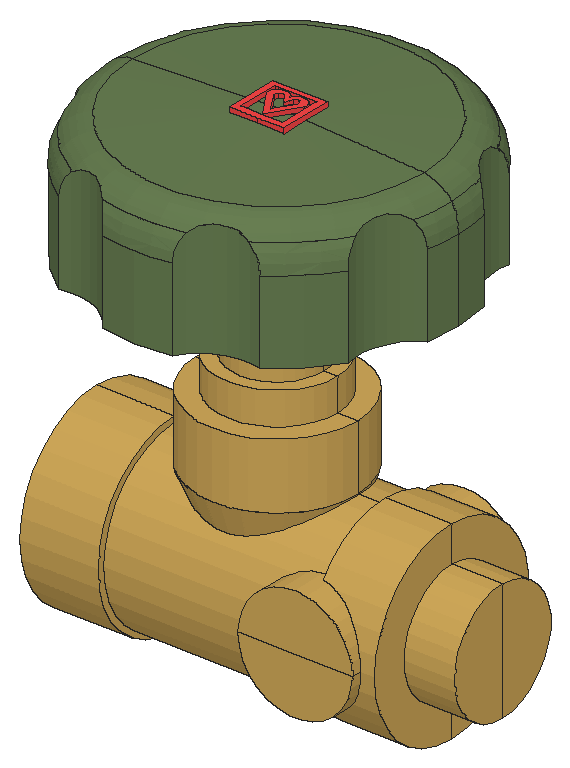
Revit family "Запорный клапан Strömax 4215 W, муфта х наружная резьба", category Rohrzubehör, Revit 2018
Family settings
  Bemaßung runder Anschluss = Durchmesser verwenden
  Teiletyp = Unterbricht
  OmniClass-Nummer = 23.65.55.14
  OmniClass-Titel = Valves for Liquid Services
  Arbeitsebenenbasiert = Nein
  Immer vertikal = Ja
  Beim Laden mit Abzugskörper schneiden = Nein
  Gemeinsam genutzt = Nein
Parameters
  Примечание = "В соответствии со статьей 33 Регламента REACH (Registration; Evaluation; Authorisation; Restriction of Chemicals) (EC № 1907/2006) мы обязаны указать, что свинец внесен в список SVHC (Substances of Very High Concern - вещества очень высокой важности) и весовой процент свинца во всех латунных компонентах заводского изготовления в наших изделиях, превышает 0,1 % (w/w) (CAS: 7439-92-1 / EINECS: 231-100-4).\r\nПоскольку свинец является легирующим компонентом сплава, прямое негативное влияние исключается, и поэтому дополнительной информации о безопасном использовании не требуется."
  Область применения = "Для перекрытия трубопроводов в системе питьевого водоснабжения в зданиях."
  Номер заказа = 2412561  # constant formula
  Маховик = "пластик, цвет маховика - зеленый"  # constant formula
  Макс. рабочее давление = 1000000.0 Pa  # constant formula
  Макс. рабочая температура = 90 °C  # constant formula
  Корпус = "латунь, устойчивая к селективной цинковой коррозии, в соответствии с EN1982"  # constant formula
  URL = "www.herz-armaturen.ru"
  T01 = 17.5 mm  # constant formula
  SC_NennweiteBerechnet = 0
  SC_Dimension = ""
  SCTWSEQ = "FW;SBT_TYP_FW=\"106\";2"
  SCTWCODE = "04;01;02"  # constant formula
  S03 = 60 mm  # constant formula
  S02 [instance] = H01 + H02 + H03  # 46 mm
  S01 [instance] = R01 * 2  # 32 mm
  R09 [instance] = Nennweite Aus / 2  # 10 mm
  R08 [instance] = size_lookup("4215W_", "R8", 9.5 mm, Nennweite)  # 9.5 mm
  R07 = 3 mm  # constant formula
  R06 [instance] = size_lookup("4215W_", "R6", 7.8 mm, Nennweite)  # 7.8 mm
  R05 [instance] = size_lookup("4215W_", "R5", 10.1 mm, Nennweite)  # 10.1 mm
  R04 [instance] = size_lookup("4215W_", "R4", 13.5 mm, Nennweite)  # 13.5 mm
  R03 = 15 mm  # constant formula
  R02 [instance] = Nennweite / 2  # 7.5 mm
  R01 = 16 mm  # constant formula
  Nennweite Aus [instance] = 20 mm  # constant formula
  Nennweite [instance] = 15 mm  # constant formula
  Мин. расход при Dp 10 кПа [instance] = if(Nennweite = 15 mm, 0.2, if(Nennweite = 20 mm, 0.4, if(Nennweite = 25 mm, 0.7, if(Nennweite = 32 mm, 1.2, if(Nennweite = 40 mm, 1.6, if(Nennweite = 50 mm, 2.7, 0))))))  # 0.2
  Среда = "Питьевая вода"  # constant formula
  Макс. перепад давления на закрытом седле = 1000000.0 Pa  # constant formula
  L06 = 18 mm  # constant formula
  L05 = 8.5 mm  # constant formula
  L04 = 37.5 mm  # constant formula
  L03 = 17 mm  # constant formula
  L02 = 12 mm  # constant formula
  L01 = 13 mm  # constant formula
  L00 = 30 mm  # constant formula
  Hersteller = "HERZ Armaturen Ges.m.b.H"  # constant formula
  H04 = 21 mm  # constant formula
  H03 = 14.6 mm  # constant formula
  H02 = 5.4 mm  # constant formula
  H01 = 26 mm  # constant formula
  H00 [instance] = H01 + H02 + H03  # 46 mm
  O-Ring = "EPDM"  # constant formula
Reference planes
  plane 1 "Mitte (Vorne/hinten)": y = 0
  plane 2: z = 0
  plane 3 "Mitte (Links/rechts)": x = 0
Forms (mm)
  Revolve 1, solid, material "Messing, weicher Gelbton, geschweißt", detail levels fine
    sketch origin (470, 0, 0) x (1, 0, 0) y (0, 0, 1)
      loop
        line (-500, 7.5) -> (-488, 7.5) -> (-488, 0) -> (-432.5, 0) -> (-432.5, 10) -> (-441, 10) -> (-441, 16) -> (-452, 16) -> (-452, 15) -> (-487, 15) -> (-487, 16) -> (-500, 16) -> (-500, 7.5)
      axis (-500, 0) -> (-432.5, 0)
    angle from 0 to 360
  Revolve 2, solid, material "Messing, weicher Gelbton, geschweißt", detail levels fine
    sketch origin (0, 0, 0) x (1, 0, 0) y (0, 0, 1)
      loop
        line (0, 0) -> (0, 46) -> (-7.8, 46) -> (-7.8, 31.4) -> (-10.1, 31.4) -> (-10.1, 26) -> (-13.5, 26) -> (-13.5, 15) -> (-7.5, 0) -> (0, 0)
      axis (0, 46) -> (0, 0)
    angle from 0 to 360
  Revolve 3, solid, material "Messing, weicher Gelbton, geschweißt", detail levels fine
    sketch origin (0, 0, 0) x (1, 0, 0) y (0, 1, 0)
      loop
        line (17, -17.5) -> (26.5, -17.5) -> (26.5, -7.5) -> (20, -7.5) -> (20, 7.5) -> (26.5, 7.5) -> (26.5, 17.5) -> (17, 17.5) -> (17, -17.5)
      axis (17, 17.5) -> (17, -17.5)
    angle from 0 to 360
Lines and regions (mm)
  model lines, detail levels coarse+medium
    curve 1: line (-30, 0, 16) -> (-30, 0, -16)
    curve 2: line (-30, 0, -16) -> (37.5, 0, 16)
    curve 3: line (37.5, 0, 16) -> (37.5, 0, -16)
    curve 4: line (37.5, 0, -16) -> (-30, 0, 16)
    curve 5: line (3.75, 0, 0) -> (3.75, 0, 46)
    curve 6: line (-26.25, 0, 46) -> (33.75, 0, 46)
    curve 7: line (-30, -16, 0) -> (-30, 16, 0)
    curve 8: line (-30, 16, 0) -> (37.5, -16, 0)
    curve 9: line (37.5, -16, 0) -> (37.5, 16, 0)
    curve 10: line (37.5, 16, 0) -> (-30, -16, 0)
    curve 11: line (3.75, 0, 0) -> (3.75, 46, 0)
    curve 12: line (-26.25, 46, 0) -> (33.75, 46, 0)
Dimensions and locks
  "R01": Revolve 1 sketch curve to Revolve 1 sketch curve  (x2)
  "R02": Revolve 1 sketch curve to Revolve 1 sketch curve
  "L01": Revolve 1 sketch curve to Revolve 1 sketch curve
  "L02": Revolve 1 sketch curve to Revolve 1 sketch curve
  "R03": Revolve 1 sketch curve to Revolve 1 sketch curve
  "R03": Revolve 2 sketch curve to Revolve 2 sketch curve
  "R02": Revolve 2 sketch curve to Revolve 2 sketch curve
  "R04": Revolve 2 sketch curve to Revolve 2 sketch curve
  "R05": Revolve 2 sketch curve to Revolve 2 sketch curve
  "R06": Revolve 2 sketch curve to Revolve 2 sketch curve
  "H01": Revolve 2 sketch curve to plane 2
  "T01": Revolve 3 sketch curve to plane 1 "Mitte (Vorne/hinten)" to Revolve 3 sketch curve
  "R02": Revolve 3 sketch curve to plane 1 "Mitte (Vorne/hinten)"
  "R02": plane 1 "Mitte (Vorne/hinten)" to Revolve 3 sketch curve
  "R07": Revolve 3 sketch curve to Revolve 3 sketch curve
  "R08": Revolve 3 sketch curve to Revolve 3 sketch curve
  "H02": Revolve 2 sketch curve to Revolve 2 sketch curve
  "H03": Revolve 2 sketch curve to Revolve 2 sketch curve
  "L00": plane 3 "Mitte (Links/rechts)" to Revolve 1 sketch curve
  "L04": Revolve 1 sketch curve to plane 3 "Mitte (Links/rechts)"
  "R09": Revolve 1 sketch curve to Revolve 1 sketch curve
  "L03": plane 3 "Mitte (Links/rechts)" to Revolve 3 sketch curve
  "L05": Revolve 1 sketch curve to Revolve 1 sketch curve
  "L06": Revolve 1 sketch curve to plane 3 "Mitte (Links/rechts)"
  "H00": nested 1 to plane 2
  "H04": nested 2 to Revolve 2
  equal spacing: curve 3, plane 2, curve 4
  "S01": curve 3 to curve 4
  equal spacing: curve 4, plane 2, curve 2
  "S01": curve 2 to curve 4
  "L00": curve 1 to plane 3 "Mitte (Links/rechts)"
  "L04": plane 3 "Mitte (Links/rechts)" to curve 3
  equal spacing: Revolve 1, curve 5, curve 3
  "S02": curve 5 to plane 2
  equal spacing: curve 6, curve 5, curve 6
  "S03": curve 6 to curve 6
  equal spacing: curve 10, plane 1 "Mitte (Vorne/hinten)", curve 8
  equal spacing: curve 9, plane 1 "Mitte (Vorne/hinten)", curve 10
  "S01": curve 8 to curve 7
  "S01": curve 10 to curve 9
  "L04": plane 3 "Mitte (Links/rechts)" to curve 9
  "L00": curve 7 to plane 3 "Mitte (Links/rechts)"
  equal spacing: curve 12, curve 11, curve 12
  equal spacing: curve 7, curve 11, curve 9
  "S03": curve 12 to curve 12
  "S02": plane 1 "Mitte (Vorne/hinten)" to curve 11
  aligned and locked: level to plane 2
Automatic sketch dimensions
  Revolve 1 sketch curve to level = 0 mm  (x2)
  Revolve 1 sketch curve to Revolve 1 sketch curve = 791.99 mm
  Revolve 1 sketch curve to Revolve 1 sketch curve = 2278.983 mm
  Revolve 2 sketch curve to level = 0 mm
  Revolve 2 sketch curve to plane 3 "Mitte (Links/rechts)" = 0 mm  (x2)
  Revolve 2 sketch curve to level = 366.045 mm
  Revolve 2 sketch curve to Revolve 2 sketch curve = 2165.278 mm
  Revolve 3 sketch curve to Revolve 3 sketch curve = 9.5 mm
  Revolve 3 sketch curve to Revolve 3 sketch curve = 0 mm
  Revolve 3 sketch curve to Revolve 3 sketch curve = 4.553 mm
  Revolve 3 sketch curve to Revolve 3 sketch curve = 3.768 mm
Nested families
  nested 1: "Strömax-Handrad (Grün)" at (0.258, 0, 46), type "Strömax-Handrad (Grün)", detail levels fine
    with Nennweite 0 mm, Gewicht 0.00 kg, Bestellnummer 0
  nested 2: "Herz-Logo" at (0.258, 0, 67), type "Herz-Logo", detail levels fine
Connectors
  piping at (-18, 0, 0), diameter 15, driven by "Nennweite"
    settings: on Revolve 1, index 1, connector inside diameter 609.6 mm, connector length 0 mm, flow factor 0, pipe flow 0.0 L/s, pressure drop 0.0 Pa, fitting loss kfactor 0, connector angle 0.00°, fixture units 0, engagement length 0 mm, angle of deflection 0.00°, flow configuration 0, flow direction 1, fitting loss method 0, system type 29, joint type 0, gender type 0, connector reference index -1, connector utility 0, adjustable connector no, is connector primary yes, connector description ""
  piping at (37.5, 0, 0), diameter 20, driven by "Nennweite Aus"
    settings: on Revolve 1, index 2, connector inside diameter 609.6 mm, connector length 0 mm, flow factor 0, pipe flow 0.0 L/s, pressure drop 0.0 Pa, fitting loss kfactor 0, connector angle 0.00°, fixture units 0, engagement length 0 mm, angle of deflection 0.00°, flow configuration 0, flow direction 2, fitting loss method 0, system type 29, joint type 0, gender type 0, connector reference index -1, connector utility 0, adjustable connector no, is connector primary no, connector description ""
Definition of nested family "Strömax-Handrad (Grün)"
  Parameters (values of type "Strömax-Handrad (Grün)")
    URL = "www.herz-armaturen.at"
    Nennweite [instance] = 0 mm
    Manufacturer = "Herz Armaturen GmbH"  # constant formula
    Gewicht [instance] = 0.00 kg
    Bestellnummer [instance] = 0
  Reference planes
    plane 1 "Mitte (Vorne/hinten)": y = 0
    plane 2: z = 0
    plane 3 "Mitte (Links/rechts)": x = 0
  Forms (mm)
    Revolve 1, solid
      sketch origin (0, 0, 0) x (1, 0, 0) y (0, 0, 1)
        loop
          line (0, 0) -> (0, 22)
          arc (0, 22) -> (-12.15, 21.705) -> (-24.271, 20.819) r 250
          arc (-24.271, 20.819) -> (-26.831, 19.959) -> (-28.754, 18.063) r 6
          arc (-28.754, 18.063) -> (-29.682, 16.008) -> (-30, 13.776) r 8
          line (-30, 13.776) -> (-30, 0) -> (0, 0)
        axis (0, 22) -> (0, 0)
      angle from 0 to 360
    Extrusion 2, void
      sketch origin (0, 0, 0) x (1, 0, 0) y (0, 1, 0)
        loop
          circle (14.351, -34.645) r 10
      from 0 to 22
    Extrusion 3, void
      sketch origin (0, 0, 0) x (-1, 0, 0) y (0, -1, 0)
        loop
          circle (14.351, 34.645) r 10
      from 0 to 22
    Extrusion 4, void
      sketch origin (0, 0, 0) x (0, -1, 0) y (1, 0, 0)
        loop
          circle (14.351, 34.645) r 10
      from 0 to 22
    Extrusion 5, void
      sketch origin (0, 0, 0) x (0, 1, 0) y (-1, 0, 0)
        loop
          circle (14.351, -34.645) r 10
      from 0 to 22
    Extrusion 6, void
      sketch origin (0, 0, 0) x (0, -1, 0) y (1, 0, 0)
        loop
          circle (14.351, -34.645) r 10
      from 0 to 22
    Extrusion 7, void
      sketch origin (0, 0, 0) x (0, 1, 0) y (-1, 0, 0)
        loop
          circle (14.351, 34.645) r 10
      from 0 to 22
    Extrusion 8, void
      sketch origin (0, 0, 0) x (1, 0, 0) y (0, 1, 0)
        loop
          circle (14.351, 34.645) r 10
      from 0 to 22
    Extrusion 9, void
      sketch origin (0, 0, 0) x (-1, 0, 0) y (0, -1, 0)
        loop
          circle (14.351, -34.645) r 10
      from 0 to 22
  Cuts and joins
    Extrusion 2, Extrusion 3, Extrusion 4, Extrusion 5, Extrusion 6, Extrusion 7, Extrusion 8, Extrusion 9 cuts Revolve 1
  Dimensions and locks
    aligned and locked: level to plane 2
Definition of nested family "Herz-Logo"
  Reference planes
    plane 1 "Mitte (Vorne/hinten)": y = 0
    plane 2: z = 0
    plane 3 "Mitte (Links/rechts)": x = 0
  Forms (mm)
    Extrusion 1, solid
      sketch origin (0, 0, 0) x (1, 0, 0) y (0, 1, 0)
        loop
          line (-0.018, -4.517) -> (4.482, -4.517) -> (4.482, 4.483) -> (-4.518, 4.483) -> (-4.518, -4.517) -> (-0.018, -4.517)
        loop
          line (-0.05, -3.48) -> (3.482, -3.48) -> (3.482, 3.483) -> (-3.518, 3.483) -> (-3.518, -3.48) -> (-0.05, -3.48)
        loop
          arc (-0.018, 2.383) -> (-1.543, 3.287) -> (-3.067, 2.383) r 1.738
          arc (-3.067, 2.383) -> (-3.191, 1.899) -> (-3.067, 1.415) r 1.009
          line (-3.067, 1.415) -> (-0.018, -3.281) -> (3.032, 1.415)
          arc (3.032, 1.415) -> (3.156, 1.899) -> (3.032, 2.383) r 1.009
          arc (3.032, 2.383) -> (1.507, 3.287) -> (-0.018, 2.383) r 1.738
        loop
          arc (1.885, 1.272) -> (2.005, 1.675) -> (1.885, 2.079) r 0.74
          arc (1.885, 2.079) -> (1.265, 2.416) -> (0.644, 2.079) r 0.74
          line (0.644, 2.079) -> (-0.018, 0.97) -> (-0.679, 2.079)
          arc (-0.679, 2.079) -> (-1.3, 2.416) -> (-1.921, 2.079) r 0.74
          arc (-1.921, 2.079) -> (-2.04, 1.675) -> (-1.921, 1.272) r 0.74
          line (-1.921, 1.272) -> (-0.018, -1.658) -> (1.885, 1.272)
      from 0 to 1.5
  Dimensions and locks
    aligned and locked: level to plane 2
